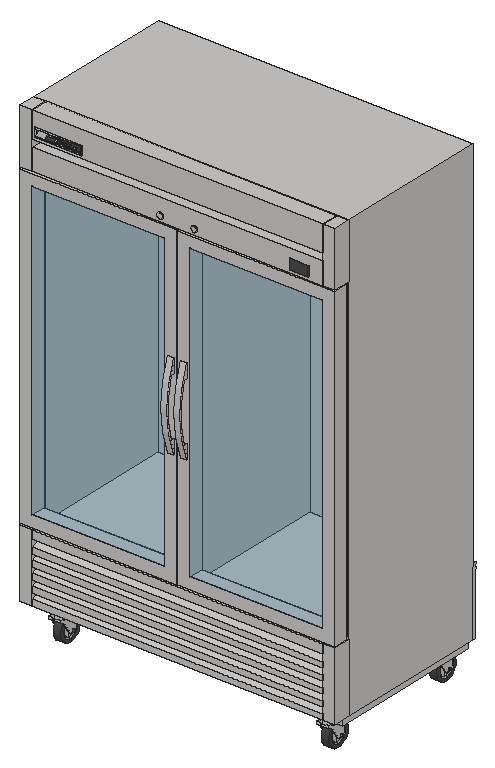
Revit family "QF_TRUE_T-49FG-HC~FGD01", category Specialty Equipment, Revit 2015
Parameters
  Weight in Pounds = 605
  Watts = Volts * FL Amps  # 1265 W
  Volts = 115 V
  URL Cutsheet = "www.truemfg.com"
  URL = "www.truemfg.com"
  Specification by User = ""
  Specification by Manufacturer = ""
  Show Clearance [instance] = yes
  Show 6 Inches Standard Legs [instance] = no
  Show 6 Inches Seismic Flanged Legs [instance] = no
  6 Inches Seismic Flanged Legs [instance] = and(Show 6 Inches Seismic Flanged Legs, not(Show 5 Inches Castors))  # no
  Show Logo [instance] = yes
  Serial Number = ""
  Seismic Rating = ""
  SMACNA No = ""
  Revision Code = ""
  Phase = 1
  Overall Height [instance] = Body Height + Base Height  # 83 3/8"
  Number of Poles = 1
  NAFEM Spec ID Number = ""
  Model = "T-49FG-HC~FGD01"
  Min Ckt Ampacity = 0 A
  Max Overcurrent Protection = 0 A
  Masterspec = ""
  Manufacturer = "TRUE"
  Length = 54 5/32"
  Item Number = ""
  Installed By = ""
  Identify Quantity as Lot = yes
  Height = 83 3/8"
  HP = "1/2"
  Furnished By = ""
  Foodservice Equipment Identifier = yes
  FL Amps = 11 A
  Electrical Remarks = ""
  Electric Connection Type = ""
  Elec Conn RI Height = 0"
  Elec Conn Connection Height = 0"
  Description = "REACH-IN GLASS SWING DOOR - 10ºF FREEZER WITH HYDROCARBON REFRIGERANT~FRAMED GLASS DOOR VERSION 01"
  Depth = 29 13/16"
  Cycle = 60 Hz
  Conn Plug = "NEMA-5-20P"
  Conn Conduit = yes
  CSI MasterFormat = ""
  Body Height = 78 5/16"
  Base Height [instance] = if(Show 5 Inches Castors, 5 1/16", if(Show 6 Inches Standard Legs, 6", if(Show 6 Inches Seismic Flanged Legs, 6", 5 1/16")))  # 5 1/16"
  Apparent Power = 0 VA
  6 Inches Standard Legs [instance] = and(Show 6 Inches Standard Legs, not(Show 5 Inches Castors))  # no
  Show 5 Inches Castors [instance] = if(Show 6 Inches Standard Legs, Show 6 Inches Seismic Flanged Legs, not(Show 6 Inches Seismic Flanged Legs))  # yes
Reference planes (in)
  plane 1 "BACK": y = 0
  plane 2: z = 0
  plane 3 "LEFT": x = 0
  plane 4 "RIGHT": x = 54.15625
  plane 5 "FRONT": y = -29.8125
  plane 6 "TOP": z = 83.375
  plane 7 "Center Y": x = 27.07813
  plane 8 "Center X": y = -14.90625
  plane 9: z = 5.0625
Dimensions and locks (in)
  equal spacing: plane 3 "LEFT", plane 7 "Center Y", plane 4 "RIGHT"
  "Length": plane 3 "LEFT" to plane 4 "RIGHT"
  equal spacing: plane 5 "FRONT", plane 8 "Center X", plane 1 "BACK"
  "Depth": plane 5 "FRONT" to plane 1 "BACK"
  "Overall Height": plane 6 "TOP" to level
  plane 3 "LEFT" to plane 4 "RIGHT" = 54 5/32"
  nested 5 to plane 1 "BACK" = 1/2"
  nested 5 to nested 5 = 1 17/32"
  nested 5 to nested 5 = 31 27/32"
  "Base Height": plane 9 to level
  "Body Height": nested 5 to plane 9
  aligned and locked: level to plane 2
  aligned and locked: nested 5 to plane 9
Nested families (in)
  nested 1: "CASTER-LEGS" at (4, -2.625, 0), Show 5" Casters <- "Show 5 Inches Castors", Show 6 Inches Legs <- "6 Inches Standard Legs", Show Siesmic Flanged <- "6 Inches Seismic Flanged Legs", type "CASTER-LEGS"
    with Type Mark "", Status "", Specification by User "", Show Siesmic Flanged no, Show 6" Casters no, Show 6 Inches Legs no, Show 5" Casters yes, Show 4" Casters no, Show 2.5 Standard Legs no, Show 2.5 Casters no, Revision Code "", Low Profile no, Item Number "", Installed By "", Identify Quantity as Lot yes, Furnished By "", Foodservice Equipment Identifier yes
  nested 2: "CASTER-LEGS" at (4, -25.875, 0), Show 5" Casters <- "Show 5 Inches Castors", Show 6 Inches Legs <- "6 Inches Standard Legs", Show Siesmic Flanged <- "6 Inches Seismic Flanged Legs", type "CASTER-LEGS"
    with Type Mark "", Status "", Specification by User "", Show Siesmic Flanged no, Show 6" Casters no, Show 6 Inches Legs no, Show 5" Casters yes, Show 4" Casters no, Show 2.5 Standard Legs no, Show 2.5 Casters no, Revision Code "", Low Profile no, Item Number "", Installed By "", Identify Quantity as Lot yes, Furnished By "", Foodservice Equipment Identifier yes
  nested 3: "CASTER-LEGS" at (50.15625, -2.625, 0), Show 5" Casters <- "Show 5 Inches Castors", Show 6 Inches Legs <- "6 Inches Standard Legs", Show Siesmic Flanged <- "6 Inches Seismic Flanged Legs", type "CASTER-LEGS"
    with Type Mark "", Status "", Specification by User "", Show Siesmic Flanged no, Show 6" Casters no, Show 6 Inches Legs no, Show 5" Casters yes, Show 4" Casters no, Show 2.5 Standard Legs no, Show 2.5 Casters no, Revision Code "", Low Profile no, Item Number "", Installed By "", Identify Quantity as Lot yes, Furnished By "", Foodservice Equipment Identifier yes
  nested 4: "CASTER-LEGS" at (50.15625, -25.875, 0), Show 5" Casters <- "Show 5 Inches Castors", Show 6 Inches Legs <- "6 Inches Standard Legs", Show Siesmic Flanged <- "6 Inches Seismic Flanged Legs", type "CASTER-LEGS"
    with Type Mark "", Status "", Specification by User "", Show Siesmic Flanged no, Show 6" Casters no, Show 6 Inches Legs no, Show 5" Casters yes, Show 4" Casters no, Show 2.5 Standard Legs no, Show 2.5 Casters no, Revision Code "", Low Profile no, Item Number "", Installed By "", Identify Quantity as Lot yes, Furnished By "", Foodservice Equipment Identifier yes
  nested 5: "T-49FG-HC-FGD01" at (0, 0, 0), Show Clearance <- "Show Clearance", Show Logo <- "Show Logo", type "T-49FG-HC-FGD01"
    with Show Logo yes, Material and Finishes QF_Metal - Stainless - Polished
Connectors (in)
  electrical at (27.07812, 0.5, 12.71048), driven by "Volts", driven by "Watts"
    settings: on nested 5, index 1, voltage 115 V, apparent load 1265 VA, apparent load phase1 0 VA, apparent load phase2 0 VA, apparent load phase3 0 VA, power factor 1, load classification "Other", number of poles 1, system type 30, power factor state 1, is connector primary yes, connector utility no, sub classification motor no, connector description "ELECTRICAL CONNECTION"
Definition of nested family "CASTER-LEGS"
  Parameters (values of type "CASTER-LEGS")
    Weight = ""
    URL Manufacturer = ""
    URL Cutsheet = ""
    URL = ""
    Type Mark [instance] = ""
    Status [instance] = ""
    Specification by User [instance] = ""
    Specification by Manufacturer = ""
    Show Siesmic Flanged [instance] = yes
    Show 6 Inches Legs [instance] = yes
    Show 6" Casters [instance] = yes
    Show 5" Casters [instance] = yes
    Show 4" Casters [instance] = yes
    Show 2.5 Standard Legs [instance] = yes
    Show 2.5 Casters [instance] = yes
    Serial Number = ""
    Seismic Rating = ""
    SMACNA No = ""
    Revision Code [instance] = ""
    Omniclass Number and Title = ""
    NAFEM Spec ID Number = ""
    Model = ""
    MasterSpec. = ""
    Manufacturer = ""
    Low Profile [instance] = yes
    Item Number [instance] = ""
    Installed By [instance] = ""
    Identify Quantity as Lot [instance] = yes
    Furnished By [instance] = ""
    Foodservice Equipment Identifier [instance] = yes
    Description = ""
    CSI MasterFormat = ""
    CSI Master Format = ""
    Assembly Code = ""
  Reference planes (in)
    plane 1: z = 0
    plane 2 "RIGHT": x = 0
    plane 3 "FRONT": y = 0
    plane 4 "TOP": z = 6
    plane 5: z = 2.125
    plane 6: z = 2.5
    plane 7: z = 6.25
  Forms (in)
    Revolve 1, solid, visible <- "Show 6 Inches Legs"
      sketch origin (11.12172, 0, 0) x (-1, 0, 0) y (0, 0, -1)
        loop
          line (11.12172, -6) -> (11.12172, 0) -> (10.62172, 0) -> (10.62172, -1.30261) -> (10.37172, -1.30261) -> (10.37172, -6) -> (11.12172, -6)
        axis (11.12172, 0) -> (11.12172, -6)
      angle from 0 to 360
    Extrusion 2, solid, visible <- "Show Siesmic Flanged"
      sketch origin (0, 0, 0) x (1, 0, 0) y (0, 1, 0)
        loop
          circle (-0.00825, 0) r 1
      from 0 to 0.125
    Revolve 3, solid, visible <- "Show Siesmic Flanged"
      sketch origin (11.12172, 0, 0) x (-1, 0, 0) y (0, 0, -1)
        loop
          line (11.12172, -6) -> (11.12172, -0.125) -> (10.62172, -0.125) -> (10.62172, -1.30261) -> (10.37172, -1.30261) -> (10.37172, -6) -> (11.12172, -6)
        axis (11.12172, -0.125) -> (11.12172, -6)
      angle from 0 to 360
    Revolve 4, solid, visible <- "Show 2.5 Standard Legs"
      sketch origin (11.12172, 0, 0) x (-1, 0, 0) y (0, 0, -1)
        loop
          line (11.12172, -2.5) -> (11.12172, 0) -> (10.62172, 0) -> (10.62172, -0.75) -> (10.37172, -0.75) -> (10.37172, -2.5) -> (11.12172, -2.5)
        axis (11.12172, 0) -> (11.12172, -2.5)
      angle from 0 to 360
  Dimensions and locks (in)
    plane 4 "TOP" to level = 6"  (x2)
    locked: Revolve 1 sketch curve to Revolve 1 sketch curve at 1.30261
    locked: Revolve 1 sketch curve to Revolve 1 sketch curve at 0.75
    nested 1 to level = 5"
    plane 6 to plane 1 = 2 1/2"
    plane 5 to plane 1 = 2 1/8"
    plane 7 to plane 1 = 6 1/4"
    locked: Revolve 3 sketch curve to Revolve 3 sketch curve at 0.75
    aligned and locked: level to plane 1
  Nested families (in)
    nested 1: "PITCO_5 INCHES CASTER" at (0, 0, 0), Show Casters <- "Show 5" Casters", type "PITCO_5 INCHES CASTER"
      with Type Mark "", Status "", Specification by User "", Show Casters yes, Revision Code "", Item Number "", Installed By "", Identify Quantity as Lot yes, Furnished By "", Foodservice Equipment Identifier yes
    nested 2: "2.13" at (0, 0, 0), 2.5 Inches Caster <- "Low Profile", type "2.13"
      with Type Mark "", Status "", Specification by User "", Revision Code "", Item Number "", Installed By "", Identify Quantity as Lot yes, Furnished By "", Foodservice Equipment Identifier yes, 2.5 Inches Caster yes
    nested 3: "C4" at (0, 0, 0), Show 4 Inches Casters <- "Show 4" Casters", type "C4"
      with Type Mark "", Specification by User "", Show 4 Inches Casters yes, Revision Code "", Item Number "", Installed By "", Identify Quantity as Lot yes, Furnished By "", Foodservice Equipment Identifier yes
    nested 4: "6 Inches Leg & Caster" at (0, 0, 0), Show Casters <- "Show 6" Casters", type "6 Inches Leg & Caster"
      with Type Mark "", Status "", Specification by User "", Show Casters yes, Revision Code "", Item Number "", Installed By "", Identify Quantity as Lot yes, Furnished By "", Foodservice Equipment Identifier yes
    nested 5: "C2.5" at (0, -0.86941, 0), 2.5 Inches Caster <- "Show 2.5 Casters", type "C2.5"
      with Type Mark "", Status "", Specification by User "", Revision Code "", Item Number "", Installed By "", Identify Quantity as Lot yes, Furnished By "", Foodservice Equipment Identifier yes, 2.5 Inches Caster yes
  Definition of nested family "PITCO_5 INCHES CASTER"
    Parameters (values of type "PITCO_5 INCHES CASTER")
      Weight = ""
      URL Manufacturer = ""
      URL Cutsheet = ""
      URL = ""
      Type Mark [instance] = ""
      Status [instance] = ""
      Specification by User [instance] = ""
      Specification by Manufacturer = ""
      Show Casters [instance] = yes
      Rubber = none
      Chrome = none
      Serial Number = ""
      Seismic Rating = ""
      SMACNA No = ""
      Revision Code [instance] = ""
      Omniclass Number and Title = ""
      NAFEM Spec ID Number = ""
      Model = ""
      MasterSpec. = ""
      Manufacturer = ""
      Item Number [instance] = ""
      Installed By [instance] = ""
      Identify Quantity as Lot [instance] = yes
      Furnished By [instance] = ""
      Foodservice Equipment Identifier [instance] = yes
      Description = ""
      CSI MasterFormat = ""
      CSI Master Format = ""
      Assembly Code = ""
    Reference planes (in)
      plane 1: z = 0
      plane 2 "RIGHT": x = 0
      plane 3 "FRONT": y = 0
      plane 4 "TOP": z = 5
      plane 5: z = 5.0625
    Forms (in)
      Revolve 1, solid, visible <- "Show Casters"
        sketch origin (-180, 1.0625, -34.67466) x (0, 0, -1) y (-1, 0, 0)
          loop
            line (-34.67466, -180.64009) -> (-34.67466, -179.35991) -> (-35.17466, -179.35991) -> (-35.17466, -179.48491) -> (-35.42466, -179.48491) -> (-35.42466, -179.64009) -> (-36.48519, -179.60306) -> (-36.48519, -178.85852) -> (-36.5316, -178.85852) -> (-36.5316, -178.71719) -> (-36.70591, -178.71719) -> (-36.70591, -181.28281) -> (-36.5316, -181.28281) -> (-36.5316, -181.14148) -> (-36.48519, -181.14148) -> (-36.48519, -180.39694) -> (-35.42466, -180.35991) -> (-35.42466, -180.51509) -> (-35.17466, -180.51509) -> (-35.17466, -180.64009) -> (-34.67466, -180.64009)
          axis (-36.70591, -181.28281) -> (-36.70591, -178.71719)
        angle from 0 to 360
      Extrusion 2, solid, visible <- "Show Casters"
        sketch origin (0, 0, -1.11142) x (0, -1, 0) y (1, 0, 0)
          loop
            circle (0, 0) r 1.5
        from 5.61142 to 6.17392
      Extrusion 3, solid, visible <- "Show Casters"
        sketch origin (0, 0, 0.289) x (0, -1, 0) y (0, 0, 1)
          loop
            arc (0.91808, 3.59427) -> (1.13645, 3.7909) -> (1.42156, 3.86198) r 0.60732
            line (1.42156, 3.86198) -> (1.46208, 3.86198) -> (1.43155, 4.211) -> (-1.43155, 4.211)
            arc (-1.43155, 4.211) -> (-1.62474, 4.13098) -> (-1.70476, 3.93778) r 0.27322
            line (-1.70476, 3.93778) -> (-1.70476, 3.78861) -> (-1.76351, 2.11371) -> (-1.82446, 1.68005)
            arc (-1.82446, 1.68005) -> (-1.73191, 1.41127) -> (-1.46007, 1.32816) r 0.31307
            line (-1.46007, 1.32816) -> (-0.60834, 1.47835)
            arc (-0.60834, 1.47835) -> (-0.50841, 1.51771) -> (-0.43181, 1.59299) r 0.26936
            line (-0.43181, 1.59299) -> (0.91808, 3.59427)
        from 0.84601 to 1.05998
      Extrusion 4, solid, visible <- "Show Casters"
        sketch origin (0, 0, -0.82242) x (0, -1, 0) y (0, 0, -1)
          loop
            line (1.43155, -5.32242) -> (1.46208, -4.9734) -> (1.42156, -4.9734)
            arc (1.42156, -4.9734) -> (1.13645, -4.90232) -> (0.91808, -4.70569) r 0.60732
            line (0.91808, -4.70569) -> (-0.43181, -2.70441)
            arc (-0.43181, -2.70441) -> (-0.50841, -2.62913) -> (-0.60834, -2.58977) r 0.26936
            line (-0.60834, -2.58977) -> (-1.46007, -2.43958)
            arc (-1.46007, -2.43958) -> (-1.73191, -2.52269) -> (-1.82446, -2.79147) r 0.31307
            line (-1.82446, -2.79147) -> (-1.76351, -3.22513) -> (-1.70476, -4.90003) -> (-1.70476, -5.0492)
            arc (-1.70476, -5.0492) -> (-1.62474, -5.2424) -> (-1.43155, -5.32242) r 0.27322
            line (-1.43155, -5.32242) -> (1.43155, -5.32242)
        from 0.84601 to 1.05998
      Extrusion 5, solid, visible <- "Show Casters"
        sketch origin (-0.84601, 0, 0.289) x (0, 1, 0) y (0, 0, 1)
          loop
            line (1.43155, 4.211) -> (-1.43155, 4.211) -> (-1.46208, 3.86198) -> (-1.42156, 3.86198)
            arc (-1.42156, 3.86198) -> (-1.13645, 3.7909) -> (-0.91808, 3.59427) r 0.60732
            arc (-0.91808, 3.59427) -> (0.37927, 3.88135) -> (1.70476, 3.78861) r 4.63574
            line (1.70476, 3.78861) -> (1.70476, 3.93778)
            arc (1.70476, 3.93778) -> (1.62474, 4.13098) -> (1.43155, 4.211) r 0.27322
        from 0 to 1.69203
    Cuts and joins
      joined: Extrusion 3, Extrusion 4, Extrusion 5
    Lines and regions (in)
      symbolic lines, visible <- "Show Casters"
        curve 1: line (0.70901, 2.6399, 0) -> (1.79507, 2.01286, 0)
        curve 2: line (-1.79099, -1.69023, 0) -> (0.70901, 2.6399, 0)
        curve 3: line (-0.70493, -2.31727, 0) -> (-1.79099, -1.69023, 0)
        curve 4: line (1.79507, 2.01286, 0) -> (-0.70493, -2.31727, 0)
    Dimensions and locks (in)
      plane 4 "TOP" to level = 5"  (x2)
      plane 5 to level = 5 1/16"
      aligned and locked: level to plane 1
  Definition of nested family "2.13"
    Parameters
      Weight = ""
      URL Manufacturer = ""
      URL Cutsheet = ""
      URL = ""
      Type Mark [instance] = ""
      Status [instance] = ""
      Specification by User [instance] = ""
      Specification by Manufacturer = ""
      Serial Number = ""
      Seismic Rating = ""
      SMACNA No = ""
      Revision Code [instance] = ""
      Omniclass Number and Title = ""
      NAFEM Spec ID Number = ""
      Model = ""
      MasterSpec. = ""
      Manufacturer = ""
      Item Number [instance] = ""
      Installed By [instance] = ""
      Identify Quantity as Lot [instance] = yes
      Furnished By [instance] = ""
      Foodservice Equipment Identifier [instance] = yes
      Description = ""
      CSI MasterFormat = ""
      CSI Master Format = ""
      Assembly Code = ""
      2.5 Inches Caster [instance] = yes
    Reference planes (in)
      plane 1: z = 0
      plane 2 "RIGHT": x = 0
      plane 3 "FRONT": y = 0
      plane 4 "TOP": z = 2.125
    Forms (in)
      Revolve 1, solid, visible <- "2.5 Inches Caster"
        sketch origin (-1.93794, 0.83816, -1.0041) x (1, 0, 0) y (0, 0, 1)
          loop
            line (0.74055, 1.76972) -> (0.74055, 1.69422) -> (0.79055, 1.64422) -> (0.85055, 1.64422) -> (0.85055, 1.52415) -> (1.235, 1.52415) -> (1.235, 1.4568) -> (1.38673, 1.3692) -> (1.4003, 1.28535) -> (1.34375, 1.28535) -> (1.34375, 1.16035) -> (1.375, 1.16035) -> (1.375, 1.0041) -> (1.87544, 1.0041) -> (1.87544, 1.52415) -> (2.00044, 1.52415) -> (2.00044, 1.0041) -> (2.48438, 1.0041) -> (2.48438, 1.16035) -> (2.51563, 1.16035) -> (2.51563, 1.28535) -> (2.45908, 1.28535) -> (2.47322, 1.37272) -> (2.62438, 1.45999) -> (2.62438, 1.52415) -> (3.04007, 1.52415) -> (3.04007, 1.64422) -> (3.10007, 1.64422) -> (3.15007, 1.69422) -> (3.15007, 1.76972) -> (0.74055, 1.76972)
          axis (0.74055, 1.76972) -> (3.15007, 1.76972)
        angle from 0 to 360
      Extrusion 2, solid, visible <- "2.5 Inches Caster"
        sketch origin (-1.93794, 1.80294, -3.6291) x (0, 1, 0) y (0, 0, 1)
          loop
            line (-0.64294, 5.43229) -> (-0.64294, 5.55298) -> (-2.21294, 5.55298) -> (-2.21294, 5.30272) -> (-1.81966, 5.30272)
            arc (-1.81966, 5.30272) -> (-1.13638, 5.20789) -> (-0.46376, 5.05475) r 8.02767
            arc (-0.46376, 5.05475) -> (-0.19511, 4.95469) -> (0.05138, 4.80832) r 1.60049
            line (0.05138, 4.80832) -> (0.12713, 4.91318)
            arc (0.12713, 4.91318) -> (-0.07255, 5.06376) -> (-0.29048, 5.18644) r 1.8753
            line (-0.29048, 5.18644) -> (-0.22239, 5.30423)
            arc (-0.22239, 5.30423) -> (-0.42776, 5.38437) -> (-0.64294, 5.43229) r 1.44292
        from 1.17357 to 2.70231
      Revolve 3, solid, visible <- "2.5 Inches Caster"
        sketch origin (0, 2.10856, -4.125) x (0, 1, 0) y (0, 0, 1)
          loop
            line (-1.73858, 6.25) -> (-1.73858, 6.04889) -> (-1.05793, 6.04889) -> (-1.05793, 6.25) -> (-1.73858, 6.25)
          axis (-1.73858, 6.04889) -> (-1.73858, 6.25)
        angle from 0 to 360
      Extrusion 4, solid, visible <- "2.5 Inches Caster"
        sketch origin (-1.98481, 1.80294, -2.1291) x (0, 1, 0) y (0, 0, 1)
          loop
            line (-2.21294, 4.05298) -> (-2.21294, 3.80272) -> (-2.13999, 3.80272)
            arc (-2.13999, 3.80272) -> (-1.62379, 3.51899) -> (-1.39241, 2.97729) r 0.90292
            arc (-1.39241, 2.97729) -> (-1.36136, 2.78161) -> (-1.29729, 2.59413) r 1.15385
            arc (-1.29729, 2.59413) -> (-0.94802, 2.37355) -> (-0.6121, 2.61396) r 0.37001
            arc (-0.6121, 2.61396) -> (-0.59625, 2.66241) -> (-0.58446, 2.712) r 0.61695
            arc (-0.58446, 2.712) -> (-0.36134, 3.11665) -> (0.05609, 3.31484) r 0.75313
            line (0.05609, 3.31484) -> (0.12713, 3.41318)
            arc (0.12713, 3.41318) -> (-0.07255, 3.56376) -> (-0.29048, 3.68644) r 1.8753
            line (-0.29048, 3.68644) -> (-0.22239, 3.80423)
            arc (-0.22239, 3.80423) -> (-0.42776, 3.88437) -> (-0.64294, 3.93229) r 1.44292
            line (-0.64294, 3.93229) -> (-0.64294, 4.05298) -> (-2.21294, 4.05298)
        from 2.74918 to 2.90825
      Extrusion 5, solid, visible <- "2.5 Inches Caster"
        sketch origin (1.98481, 1.80294, -2.1291) x (0, 1, 0) y (0, 0, -1)
          loop
            line (-2.21294, -4.05298) -> (-0.64294, -4.05298) -> (-0.64294, -3.93229)
            arc (-0.64294, -3.93229) -> (-0.42776, -3.88437) -> (-0.22239, -3.80423) r 1.44292
            line (-0.22239, -3.80423) -> (-0.29048, -3.68644)
            arc (-0.29048, -3.68644) -> (-0.07255, -3.56376) -> (0.12713, -3.41318) r 1.8753
            line (0.12713, -3.41318) -> (0.05609, -3.31484)
            arc (0.05609, -3.31484) -> (-0.36134, -3.11665) -> (-0.58446, -2.712) r 0.75313
            arc (-0.58446, -2.712) -> (-0.59625, -2.66241) -> (-0.6121, -2.61396) r 0.61695
            arc (-0.6121, -2.61396) -> (-0.94802, -2.37355) -> (-1.29729, -2.59413) r 0.37001
            arc (-1.29729, -2.59413) -> (-1.36136, -2.78161) -> (-1.39241, -2.97729) r 1.15385
            arc (-1.39241, -2.97729) -> (-1.62379, -3.51899) -> (-2.13999, -3.80272) r 0.90292
            line (-2.13999, -3.80272) -> (-2.21294, -3.80272) -> (-2.21294, -4.05298)
        from 2.74918 to 2.90825
    Lines and regions (in)
      symbolic lines, visible <- "2.5 Inches Caster"
        curve 1: line (0.10651, 1.27186, 0) -> (0.80944, 0.86603, 0)
        curve 2: line (-0.89349, -0.46019, 0) -> (0.10651, 1.27186, 0)
        curve 3: line (-0.19056, -0.86603, 0) -> (-0.89349, -0.46019, 0)
        curve 4: line (0.80944, 0.86603, 0) -> (-0.19056, -0.86603, 0)
    Dimensions and locks (in)
      plane 4 "TOP" to level = 2 1/8"  (x2)
      aligned and locked: level to plane 1
  Definition of nested family "C4"
    Parameters
      Weight = ""
      URL Manufacturer = ""
      URL Cutsheet = ""
      URL = ""
      Type Mark [instance] = ""
      Specification by User [instance] = ""
      Specification by Manufacturer = ""
      Show 4 Inches Casters [instance] = yes
      Serial Number = ""
      Seismic Rating = ""
      SMACNA No = ""
      Revision Code [instance] = ""
      Omniclass Number and Title = ""
      NAFEM Spec ID Number = ""
      Model = ""
      MasterSpec. = ""
      Manufacturer = ""
      Item Number [instance] = ""
      Installed By [instance] = ""
      Identify Quantity as Lot [instance] = yes
      Furnished By [instance] = ""
      Foodservice Equipment Identifier [instance] = yes
      Description = ""
      CSI MasterFormat = ""
      CSI Master Format = ""
      Assembly Code = ""
    Reference planes (in)
      plane 1: z = 0
      plane 2 "RIGHT": x = 0
      plane 3 "FRONT": y = 0
      plane 4 "TOP": z = 4
    Forms (in)
      Revolve 1, solid, visible <- "Show 4 Inches Casters"
        sketch origin (-1.93794, 0.83816, -1.0041) x (1, 0, 0) y (0, 0, 1)
          loop
            line (0.74055, 2.5041) -> (3.15007, 2.5041) -> (3.15007, 2.5796) -> (3.10007, 2.6296) -> (3.04007, 2.6296) -> (3.04007, 2.74967) -> (2.62438, 2.74967) -> (2.62438, 2.93884) -> (2.48438, 3.01967) -> (2.45908, 3.17597) -> (2.51563, 3.17597) -> (2.51563, 3.41035) -> (2.48438, 3.41035) -> (2.48438, 4.0041) -> (1.375, 4.0041) -> (1.375, 3.41035) -> (1.34375, 3.41035) -> (1.34375, 3.17597) -> (1.4003, 3.17597) -> (1.37557, 3.02318) -> (1.235, 2.94202) -> (1.235, 2.74967) -> (0.85055, 2.74967) -> (0.85055, 2.6296) -> (0.79055, 2.6296) -> (0.74055, 2.5796) -> (0.74055, 2.5041)
          axis (0.74055, 2.5041) -> (3.15007, 2.5041)
        angle from 0 to 360
      Extrusion 2, solid, visible <- "Show 4 Inches Casters"
        sketch origin (-1.93794, 1.80294, -1.7541) x (0, 1, 0) y (0, 0, 1)
          loop
            line (-3.08794, 5.33423) -> (-3.08794, 5.00584) -> (-2.69466, 5.00584)
            arc (-2.69466, 5.00584) -> (-1.57175, 4.94895) -> (-0.46376, 4.75787) r 9.36411
            arc (-0.46376, 4.75787) -> (-0.05889, 4.58436) -> (0.28335, 4.30705) r 1.60049
            line (0.28335, 4.30705) -> (0.34449, 4.39437)
            arc (0.34449, 4.39437) -> (0.12713, 4.6163) -> (-0.1239, 4.79931) r 1.8753
            line (-0.1239, 4.79931) -> (-0.05749, 4.91421)
            arc (-0.05749, 4.91421) -> (-0.33807, 5.05694) -> (-0.64294, 5.13542) r 1.44292
            line (-0.64294, 5.13542) -> (-0.64294, 5.33423) -> (-3.08794, 5.33423)
        from 1.1267 to 2.74918
      Revolve 3, solid, visible <- "Show 4 Inches Casters"
        sketch origin (0, 2.15543, -2.25) x (0, 1, 0) y (0, 0, 1)
          loop
            line (-2.21793, 6.25) -> (-2.21793, 5.83014) -> (-1.05793, 5.83014) -> (-1.05793, 6.25) -> (-2.21793, 6.25)
          axis (-2.21793, 5.83014) -> (-2.21793, 6.25)
        angle from 0 to 360
      Extrusion 4, solid, visible <- "Show 4 Inches Casters"
        sketch origin (-1.93794, 1.80294, -1.7541) x (0, 1, 0) y (0, 0, 1)
          loop
            line (-3.08794, 5.33423) -> (-3.08794, 5.00584) -> (-2.8913, 5.00584)
            arc (-2.8913, 5.00584) -> (-2.09118, 4.14057) -> (-1.45681, 3.14736) r 6.63355
            arc (-1.45681, 3.14736) -> (-0.85703, 2.75969) -> (-0.4561, 3.35069) r 0.5107
            arc (-0.4561, 3.35069) -> (-0.27092, 3.92503) -> (0.24034, 4.24562) r 0.88136
            line (0.24034, 4.24562) -> (0.34449, 4.39437)
            arc (0.34449, 4.39437) -> (0.12713, 4.6163) -> (-0.1239, 4.79931) r 1.8753
            line (-0.1239, 4.79931) -> (-0.05749, 4.91421)
            arc (-0.05749, 4.91421) -> (-0.33807, 5.05694) -> (-0.64294, 5.13542) r 1.44292
            line (-0.64294, 5.13542) -> (-0.64294, 5.33423) -> (-3.08794, 5.33423)
        from 2.74918 to 2.90825
      Extrusion 5, solid, visible <- "Show 4 Inches Casters"
        sketch origin (1.93794, 1.80294, -1.7541) x (0, 1, 0) y (0, 0, -1)
          loop
            line (-3.08794, -5.33423) -> (-0.64294, -5.33423) -> (-0.64294, -5.13542)
            arc (-0.64294, -5.13542) -> (-0.33807, -5.05694) -> (-0.05749, -4.91421) r 1.44292
            line (-0.05749, -4.91421) -> (-0.1239, -4.79931)
            arc (-0.1239, -4.79931) -> (0.12713, -4.6163) -> (0.34449, -4.39437) r 1.8753
            line (0.34449, -4.39437) -> (0.24034, -4.24562)
            arc (0.24034, -4.24562) -> (-0.27092, -3.92503) -> (-0.4561, -3.35069) r 0.88136
            arc (-0.4561, -3.35069) -> (-0.85703, -2.75969) -> (-1.45681, -3.14736) r 0.5107
            arc (-1.45681, -3.14736) -> (-2.09118, -4.14057) -> (-2.8913, -5.00584) r 6.63355
            line (-2.8913, -5.00584) -> (-3.08794, -5.00584) -> (-3.08794, -5.33423)
        from 2.74918 to 2.90825
    Cuts and joins
      joined: Extrusion 2, Extrusion 4, Extrusion 5
    Lines and regions (in)
      symbolic lines, visible <- "Show 4 Inches Casters"
        curve 1: line (0.28481, 1.83041, 0) -> (1.24556, 1.27572, 0)
        curve 2: line (-1.26206, -0.84886, 0) -> (0.28481, 1.83041, 0)
        curve 3: line (-0.30132, -1.40355, 0) -> (-1.26206, -0.84886, 0)
        curve 4: line (1.24556, 1.27572, 0) -> (-0.30132, -1.40355, 0)
    Dimensions and locks (in)
      plane 4 "TOP" to level = 4"  (x2)
      aligned and locked: level to plane 1
  Definition of nested family "6 Inches Leg & Caster"
    Parameters
      Weight = ""
      URL Manufacturer = ""
      URL Cutsheet = ""
      URL = ""
      Type Mark [instance] = ""
      Status [instance] = ""
      Specification by User [instance] = ""
      Specification by Manufacturer = ""
      Show Casters [instance] = yes
      Serial Number = ""
      Seismic Rating = ""
      SMACNA No = ""
      Revision Code [instance] = ""
      Omniclass Number and Title = ""
      NAFEM Spec ID Number = ""
      Model = ""
      MasterSpec. = ""
      Manufacturer = ""
      Item Number [instance] = ""
      Installed By [instance] = ""
      Identify Quantity as Lot [instance] = yes
      Furnished By [instance] = ""
      Foodservice Equipment Identifier [instance] = yes
      Description = ""
      CSI MasterFormat = ""
      CSI Master Format = ""
    Reference planes (in)
      plane 1 "BACK": y = 0
      plane 2: z = 0
      plane 3 "LEFT": x = 0
      plane 4 "RIGHT": x = 0
      plane 5 "FRONT": y = 0
      plane 6 "TOP": z = 6.25
    Forms (in)
      Revolve 1, solid, visible <- "Show Casters"
        sketch origin (-2.21793, 0, -0.25) x (-1, 0, 0) y (0, 0, 1)
          loop
            line (-2.21793, 6) -> (-2.21793, 5.55584) -> (-0.93693, 5.55584) -> (-0.93693, 6) -> (-2.21793, 6)
          axis (-2.21793, 5.55584) -> (-2.21793, 6)
        angle from 0 to 360
      Extrusion 2, solid, visible <- "Show Casters"
        sketch origin (0.25594, 2.21793, -0.1875) x (0, 1, 0) y (0, 0, 1)
          loop
            line (-3.37793, 5.49334) -> (-3.37793, 5.24334) -> (-1.63015, 2.08504)
            arc (-1.63015, 2.08504) -> (-0.63555, 1.74359) -> (-0.1951, 2.69848) r 0.78437
            line (-0.1951, 2.69848) -> (-1.06726, 5.49334) -> (-3.37793, 5.49334)
        from 0.78968 to 0.90247
      Extrusion 3, solid, visible <- "Show Casters"
        sketch origin (0, 0, 5.75) x (0, 1, 0) y (-1, 0, 0)
          loop
            circle (0, 0) r 0.75
        from 0 to 0.5
      Extrusion 4, solid, visible <- "Show Casters"
        sketch origin (-0.25594, 2.21793, -0.1875) x (0, 1, 0) y (0, 0, -1)
          loop
            line (-3.37793, -5.49334) -> (-1.06726, -5.49334) -> (-0.1951, -2.69848)
            arc (-0.1951, -2.69848) -> (-0.63555, -1.74359) -> (-1.63015, -2.08504) r 0.78437
            line (-1.63015, -2.08504) -> (-3.37793, -5.24334) -> (-3.37793, -5.49334)
        from 0.78968 to 0.90247
      Extrusion 5, solid, visible <- "Show Casters"
        sketch origin (0, 0, 0.75) x (0, 1, 0) y (0, 0, 1)
          loop
            line (-1.16, 4.55584) -> (-1.16, 4.30584) -> (1.15067, 4.30584) -> (1.15067, 4.55584) -> (-1.16, 4.55584)
        from -1.04562 to 1.04562
      Revolve 6, solid, visible <- "Show Casters"
        sketch origin (-1.9375, 1.23015, -0.12802) x (1, 0, 0) y (0, 0, 1)
          loop
            line (0.5843, 2.5041) -> (0.5843, 2.3661) -> (0.6343, 2.3161) -> (0.6943, 2.3161) -> (0.6943, 2.1804) -> (1.1725, 2.1804) -> (1.1725, 1.78493) -> (1.31307, 1.70377) -> (1.42647, 1.00302) -> (1.28125, 1.00302) -> (1.28125, 0.75302) -> (1.3125, 0.75302) -> (1.3125, 0.50302)
            arc (1.3125, 0.50302) -> (1.42233, 0.23785) -> (1.6875, 0.12802) r 0.375
            line (1.6875, 0.12802) -> (2.1875, 0.12802)
            arc (2.1875, 0.12802) -> (2.45267, 0.23785) -> (2.5625, 0.50302) r 0.375
            line (2.5625, 0.50302) -> (2.5625, 0.75302) -> (2.59375, 0.75302) -> (2.59375, 1.00302) -> (2.44853, 1.00302) -> (2.5625, 1.70728) -> (2.7025, 1.78811) -> (2.7025, 2.1804) -> (3.1807, 2.1804) -> (3.1807, 2.3161) -> (3.2407, 2.3161) -> (3.2907, 2.3661) -> (3.2907, 2.5041) -> (0.5843, 2.5041)
          axis (0.5843, 2.5041) -> (3.2907, 2.5041)
        angle from 0 to 360
    Cuts and joins
      joined: Extrusion 2, Extrusion 4, Extrusion 5
    Lines and regions (in)
      symbolic lines, visible <- "Show Casters"
        curve 1: line (0.46086, 2.04455, 0) -> (1.54339, 1.41955, 0)
        curve 2: line (-1.53914, -1.41955, 0) -> (0.46086, 2.04455, 0)
        curve 3: line (-0.45661, -2.04455, 0) -> (-1.53914, -1.41955, 0)
        curve 4: line (1.54339, 1.41955, 0) -> (-0.45661, -2.04455, 0)
    Dimensions and locks (in)
      plane 6 "TOP" to level = 6 1/4"  (x2)
      aligned and locked: level to plane 2
  Definition of nested family "C2.5"
    Parameters
      Weight = ""
      URL Manufacturer = ""
      URL Cutsheet = ""
      URL = ""
      Type Mark [instance] = ""
      Status [instance] = ""
      Specification by User [instance] = ""
      Specification by Manufacturer = ""
      Serial Number = ""
      Seismic Rating = ""
      SMACNA No = ""
      Revision Code [instance] = ""
      Omniclass Number and Title = ""
      NAFEM Spec ID Number = ""
      Model = ""
      MasterSpec. = ""
      Manufacturer = ""
      Item Number [instance] = ""
      Installed By [instance] = ""
      Identify Quantity as Lot [instance] = yes
      Furnished By [instance] = ""
      Foodservice Equipment Identifier [instance] = yes
      Description = ""
      CSI MasterFormat = ""
      CSI Master Format = ""
      Assembly Code = ""
      2.5 Inches Caster [instance] = yes
    Reference planes (in)
      plane 1: z = 0
      plane 2 "RIGHT": x = 0
      plane 3 "FRONT": y = 0
      plane 4 "TOP": z = 2.5
    Forms (in)
      Revolve 1, solid, visible <- "2.5 Inches Caster"
        sketch origin (-1.93794, 0.83816, -1.0041) x (1, 0, 0) y (0, 0, 1)
          loop
            line (0.74055, 1.92597) -> (0.74055, 1.85047) -> (0.79055, 1.80047) -> (0.85055, 1.80047) -> (0.85055, 1.6804) -> (1.235, 1.6804) -> (1.235, 1.61305) -> (1.38673, 1.52545) -> (1.4003, 1.4416) -> (1.34375, 1.4416) -> (1.34375, 1.3166) -> (1.375, 1.3166) -> (1.375, 1.0041) -> (2.48438, 1.0041) -> (2.48438, 1.3166) -> (2.51563, 1.3166) -> (2.51563, 1.4416) -> (2.45908, 1.4416) -> (2.47322, 1.52897) -> (2.62438, 1.61624) -> (2.62438, 1.6804) -> (3.04007, 1.6804) -> (3.04007, 1.80047) -> (3.10007, 1.80047) -> (3.15007, 1.85047) -> (3.15007, 1.92597) -> (0.74055, 1.92597)
          axis (0.74055, 1.92597) -> (3.15007, 1.92597)
        angle from 0 to 360
      Extrusion 2, solid, visible <- "2.5 Inches Caster"
        sketch origin (-1.93794, 1.80294, -3.2541) x (0, 1, 0) y (0, 0, 1)
          loop
            line (-0.64294, 5.43229) -> (-0.64294, 5.55298) -> (-2.21294, 5.55298) -> (-2.21294, 5.30272) -> (-1.81966, 5.30272)
            arc (-1.81966, 5.30272) -> (-1.13638, 5.20789) -> (-0.46376, 5.05475) r 8.02767
            arc (-0.46376, 5.05475) -> (-0.19511, 4.95469) -> (0.05138, 4.80832) r 1.60049
            line (0.05138, 4.80832) -> (0.12713, 4.91318)
            arc (0.12713, 4.91318) -> (-0.07255, 5.06376) -> (-0.29048, 5.18644) r 1.8753
            line (-0.29048, 5.18644) -> (-0.22239, 5.30423)
            arc (-0.22239, 5.30423) -> (-0.42776, 5.38437) -> (-0.64294, 5.43229) r 1.44292
        from 1.17357 to 2.70231
      Revolve 3, solid, visible <- "2.5 Inches Caster"
        sketch origin (0, 2.10856, -3.75) x (0, 1, 0) y (0, 0, 1)
          loop
            line (-1.73858, 6.25) -> (-1.73858, 6.04889) -> (-1.05793, 6.04889) -> (-1.05793, 6.25) -> (-1.73858, 6.25)
          axis (-1.73858, 6.04889) -> (-1.73858, 6.25)
        angle from 0 to 360
      Extrusion 4, solid, visible <- "2.5 Inches Caster"
        sketch origin (-1.98481, 1.80294, -1.7541) x (0, 1, 0) y (0, 0, 1)
          loop
            line (-2.21294, 4.05298) -> (-2.21294, 3.80272) -> (-2.13999, 3.80272)
            arc (-2.13999, 3.80272) -> (-1.62379, 3.51899) -> (-1.39241, 2.97729) r 0.90292
            arc (-1.39241, 2.97729) -> (-1.36136, 2.78161) -> (-1.29729, 2.59413) r 1.15385
            arc (-1.29729, 2.59413) -> (-0.94802, 2.37355) -> (-0.6121, 2.61396) r 0.37001
            arc (-0.6121, 2.61396) -> (-0.59625, 2.66241) -> (-0.58446, 2.712) r 0.61695
            arc (-0.58446, 2.712) -> (-0.36134, 3.11665) -> (0.05609, 3.31484) r 0.75313
            line (0.05609, 3.31484) -> (0.12713, 3.41318)
            arc (0.12713, 3.41318) -> (-0.07255, 3.56376) -> (-0.29048, 3.68644) r 1.8753
            line (-0.29048, 3.68644) -> (-0.22239, 3.80423)
            arc (-0.22239, 3.80423) -> (-0.42776, 3.88437) -> (-0.64294, 3.93229) r 1.44292
            line (-0.64294, 3.93229) -> (-0.64294, 4.05298) -> (-2.21294, 4.05298)
        from 2.74918 to 2.90825
      Extrusion 5, solid, visible <- "2.5 Inches Caster"
        sketch origin (1.98481, 1.80294, -1.7541) x (0, 1, 0) y (0, 0, -1)
          loop
            line (-2.21294, -4.05298) -> (-0.64294, -4.05298) -> (-0.64294, -3.93229)
            arc (-0.64294, -3.93229) -> (-0.42776, -3.88437) -> (-0.22239, -3.80423) r 1.44292
            line (-0.22239, -3.80423) -> (-0.29048, -3.68644)
            arc (-0.29048, -3.68644) -> (-0.07255, -3.56376) -> (0.12713, -3.41318) r 1.8753
            line (0.12713, -3.41318) -> (0.05609, -3.31484)
            arc (0.05609, -3.31484) -> (-0.36134, -3.11665) -> (-0.58446, -2.712) r 0.75313
            arc (-0.58446, -2.712) -> (-0.59625, -2.66241) -> (-0.6121, -2.61396) r 0.61695
            arc (-0.6121, -2.61396) -> (-0.94802, -2.37355) -> (-1.29729, -2.59413) r 0.37001
            arc (-1.29729, -2.59413) -> (-1.36136, -2.78161) -> (-1.39241, -2.97729) r 1.15385
            arc (-1.39241, -2.97729) -> (-1.62379, -3.51899) -> (-2.13999, -3.80272) r 0.90292
            line (-2.13999, -3.80272) -> (-2.21294, -3.80272) -> (-2.21294, -4.05298)
        from 2.74918 to 2.90825
    Lines and regions (in)
      symbolic lines, visible <- "2.5 Inches Caster"
        curve 1: line (0.10651, 1.96132, 0) -> (0.80944, 1.55548, 0)
        curve 2: line (-0.89349, 0.22927, 0) -> (0.10651, 1.96132, 0)
        curve 3: line (-0.19056, -0.17657, 0) -> (-0.89349, 0.22927, 0)
        curve 4: line (0.80944, 1.55548, 0) -> (-0.19056, -0.17657, 0)
    Dimensions and locks (in)
      plane 4 "TOP" to level = 2 1/2"  (x2)
      aligned and locked: level to plane 1
Definition of nested family "T-49FG-HC-FGD01"
  Parameters (values of type "T-49FG-HC-FGD01")
    Weight in Pounds = 0
    URL Cutsheet = ""
    Specification by User = ""
    Specification by Manufacturer = ""
    Show Logo [instance] = yes
    Show Clearance [instance] = yes
    Serial Number = ""
    Seismic Rating = ""
    SMACNA No = ""
    Revision Code = ""
    NAFEM Spec ID Number = ""
    Material and Finishes [instance] = none
    Masterspec = ""
    Item Number = ""
    Installed By = ""
    Identify Quantity as Lot = yes
    Furnished By = ""
    Foodservice Equipment Identifier = yes
    CSI MasterFormat = ""
  Reference planes (in)
    plane 1 "BACK": y = 0
    plane 2: z = 0
    plane 3 "LEFT": x = 0
    plane 4 "RIGHT": x = 54.15625
    plane 5 "FRONT": y = -29.8125
    plane 6 "TOP": z = 83.375
    plane 7 "Center Y": x = 27.07813
    plane 8 "Center X": y = -14.90625
    plane 9: z = 5.0625
    plane 10: y = 0.5
    plane 11: y = -31.34375
    plane 12: z = 7.0625
    plane 13: z = 81.375
    plane 14: y = -55.25
    plane 15: y = -55.25
    plane 16: z = 7.0625
    plane 17: z = 81.375
    plane 18: y = -55.25
    plane 19: z = 18.875
    plane 20: z = 53.75
    plane 21: z = 38.75
    plane 22: z = 53.75
    plane 23: z = 38.75
    plane 24: z = 18.875
    plane 25: z = 53.75
    plane 26: z = 38.75
    plane 27: z = 53.75
    plane 28: z = 38.75
    plane 29: z = 6.875
    plane 30: z = 46.25
    plane 31: z = 46.25
  Forms (in)
    Extrusion 1, solid, material <- "Material and Finishes"
      sketch origin (-5.09019, 0.0625, 48) x (-1, 0, 0) y (0, 0, 1)
        loop
          line (-5.09019, 35.375) -> (-7.09019, 35.375) -> (-7.09019, -41.125) -> (-5.09019, -41.125) -> (-5.09019, 35.375)
      from -0.0625 to -26.875
    Extrusion 2, solid, material <- "Material and Finishes"
      sketch origin (2, -26.8125, 83.375) x (0, 0, -1) y (0, 1, 0)
        loop
          line (0, -3) -> (4.5, -3) -> (5.75, -0.19245) -> (5.75, -3) -> (9.5, -3) -> (9.5, 0) -> (0, 0) -> (0, -3)
        loop
          line (64.75, -3) -> (66.25, -3) -> (66.25, -0.43712) -> (67.5, -3) -> (68.5, -3) -> (68.5, -0.9497) -> (69.5, -3) -> (70.5, -3) -> (70.5, -0.9497) -> (71.5, -3) -> (72.5, -3) -> (72.5, -0.9497) -> (73.5, -3) -> (74.5, -3) -> (74.5, -0.9497) -> (75.5, -3) -> (76.5, -3) -> (76.5, 0) -> (64.75, 0) -> (64.75, -3)
      from 0 to 50.15625
    Extrusion 3, solid
      sketch origin (-5.09019, -29.8125, 48) x (1, 0, 0) y (0, 0, 1)
        loop
          line (7.09019, -27.125) -> (30.0387, -27.125) -> (30.0387, 23.625) -> (7.09019, 23.625) -> (7.09019, -27.125)
        loop
          line (34.29793, -27.125) -> (57.24644, -27.125) -> (57.24644, 23.625) -> (34.29793, 23.625) -> (34.29793, -27.125)
      from 0 to -0.125
    Extrusion 4, solid
      sketch origin (2, -29.8125, 77.625) x (0, 0, -1) y (1, 0, 0)
        loop
          circle (2.77758, 22.14431) r 0.5
        loop
          circle (2.77758, 28.01194) r 0.5
      from 0 to 0.0625
    Extrusion 5, solid, visible <- "Show Clearance", detail levels coarse
      sketch origin (0, -26.8125, 46.5) x (0, -1, 0) y (-1, 0, 0)
        loop
          arc (3, -26.94851) -> (21.16957, -18.61945) -> (28.4375, 0) r 26.64931
          line (28.4375, 0) -> (3, 0) -> (3, -26.94851)
        loop
          line (3, -27.20774) -> (3, -54.15625) -> (28.4375, -54.15625)
          arc (28.4375, -54.15625) -> (21.16957, -35.5368) -> (3, -27.20774) r 26.64931
      from 27.625 to -27.125
    Extrusion 6, solid, material <- "Material and Finishes"
      sketch origin (0, 0.0625, 82.375) x (0, 0, 1) y (0, 1, 0)
        loop
          line (-75.5, -0.0625) -> (-63.92678, -0.0625) -> (-63.92678, 0.08569) -> (-63.75, 0.26246) -> (-63.75, 0.4375) -> (-64.09324, 0.4375) -> (-64.09324, 0.3125) -> (-64.47374, 0.3125) -> (-64.47374, 0.4375) -> (-64.81856, 0.4375) -> (-64.81856, 0.3125) -> (-75.5, 0.3125) -> (-75.5, -0.0625)
      from 0 to -54.15625
    Extrusion 7, solid, material <- "Material and Finishes"
      sketch origin (2, 0.0625, 83.375) x (0, 0, -1) y (0, 1, 0)
        loop
          line (0, -0.0625) -> (0, -26.875) -> (2, -26.875) -> (2, -2.6875) -> (64.75, -2.6875) -> (64.75, -26.875) -> (74.6875, -26.875) -> (74.6875, -0.0625) -> (0, -0.0625)
      from 0 to 50.15625
    Extrusion 8, solid, material <- "Material and Finishes"
      sketch origin (-5.09019, -26.8125, 48) x (1, 0, 0) y (0, 0, 1)
        loop
          line (32.0387, 25.625) -> (5.09019, 25.625) -> (5.09019, -29.125) -> (32.0387, -29.125) -> (32.0387, 25.625)
        loop
          line (30.0387, 23.625) -> (7.09019, 23.625) -> (7.09019, -27.125) -> (30.0387, -27.125) -> (30.0387, 23.625)
        loop
          line (32.29793, 25.625) -> (32.29793, -29.125) -> (59.24644, -29.125) -> (59.24644, 25.625) -> (32.29793, 25.625)
        loop
          line (34.29793, 23.625) -> (34.29793, -27.125) -> (57.24644, -27.125) -> (57.24644, 23.625) -> (34.29793, 23.625)
      from 0.5 to 3
    Extrusion 9, solid, material <- "Material and Finishes"
      sketch origin (59.24644, 0.0625, 48) x (1, 0, 0) y (0, 0, -1)
        loop
          line (-5.09019, -35.375) -> (-5.09019, 41.125) -> (-7.09019, 41.125) -> (-7.09019, -35.375) -> (-5.09019, -35.375)
      from -0.0625 to -26.875
    Extrusion 10, solid
      sketch origin (-21.96875, -29.8125, 77.625) x (0, 0, -1) y (1, 0, 0)
        loop
          line (1.52381, 68.36966) -> (3.27381, 68.36966) -> (3.27381, 71.61966) -> (1.52381, 71.61966) -> (1.52381, 68.36966)
      from 0 to 0.0625
    Extrusion 11, solid, material <- "Material and Finishes"
      sketch origin (2, -26.8125, 83.375) x (0, 0, -1) y (0, 1, 0)
        loop
          line (0, -3) -> (9.5, -3) -> (9.5, 0) -> (0, 0) -> (0, -3)
        loop
          line (64.75, -3) -> (76.5, -3) -> (76.5, 0) -> (64.75, 0) -> (64.75, -3)
      from 0 to -2
    Extrusion 12, solid, material <- "Material and Finishes"
      sketch origin (52.15625, -26.8125, 83.375) x (0, 0, -1) y (0, -1, 0)
        loop
          line (0, 3) -> (0, 0) -> (9.5, 0) -> (9.5, 3) -> (0, 3)
        loop
          line (64.75, 3) -> (64.75, 0) -> (76.5, 0) -> (76.5, 3) -> (64.75, 3)
      from 0 to -2
    Extrusion 13, solid
      sketch origin (-5.09019, -26.8125, 48) x (1, 0, 0) y (0, 0, 1)
        loop
          line (5.34019, -28.99634) -> (31.7887, -28.99634) -> (31.7887, 25.49634) -> (5.34019, 25.49634) -> (5.34019, -28.99634)
        loop
          line (58.99644, -28.99634) -> (58.99644, 25.49634) -> (32.54793, 25.49634) -> (32.54793, -28.99634) -> (58.99644, -28.99634)
        loop
          line (6.84019, 23.875) -> (6.84019, -27.375) -> (30.2887, -27.375) -> (30.2887, 23.875) -> (6.84019, 23.875)
        loop
          line (57.49644, 23.875) -> (34.04793, 23.875) -> (34.04793, -27.375) -> (57.49644, -27.375) -> (57.49644, 23.875)
      from 0 to 0.5
    Extrusion 14, solid, material <- "Material and Finishes"
      sketch origin (0, -29.8125, 0) x (1, 0, 0) y (0, 0, 1)
        loop
          line (28.07812, 18.625) -> (28.07812, 81.375) -> (26.07812, 81.375) -> (26.07812, 18.625) -> (28.07812, 18.625)
      from -27.1875 to -3
    Extrusion 15, solid, material <- "Material and Finishes", not visible
      sketch origin (-5.09019, 0.0625, 48) x (-1, 0, 0) y (0, 0, 1)
        loop
          line (-5.09019, 35.375) -> (-7.09019, 35.375) -> (-7.09019, -41.125) -> (-5.09019, -41.125) -> (-5.09019, 35.375)
      from -0.0625 to -26.875
    Extrusion 16, solid, material <- "Material and Finishes", not visible
      sketch origin (2, -26.8125, 83.375) x (0, 0, -1) y (0, 1, 0)
        loop
          line (0, -3) -> (4.5, -3) -> (5.75, -0.19245) -> (5.75, -3) -> (9.5, -3) -> (9.5, 0) -> (0, 0) -> (0, -3)
        loop
          line (64.75, -3) -> (66.25, -3) -> (66.25, -0.43712) -> (67.5, -3) -> (68.5, -3) -> (68.5, -0.9497) -> (69.5, -3) -> (70.5, -3) -> (70.5, -0.9497) -> (71.5, -3) -> (72.5, -3) -> (72.5, -0.9497) -> (73.5, -3) -> (74.5, -3) -> (74.5, -0.9497) -> (75.5, -3) -> (76.5, -3) -> (76.5, 0) -> (64.75, 0) -> (64.75, -3)
      from 0 to 50.15625
    Extrusion 17, solid, not visible
      sketch origin (-5.09019, -29.8125, 48) x (1, 0, 0) y (0, 0, 1)
        loop
          line (7.09019, -27.125) -> (30.0387, -27.125) -> (30.0387, 23.625) -> (7.09019, 23.625) -> (7.09019, -27.125)
        loop
          line (34.29793, -27.125) -> (57.24644, -27.125) -> (57.24644, 23.625) -> (34.29793, 23.625) -> (34.29793, -27.125)
      from 0 to -0.125
    Extrusion 18, solid, not visible
      sketch origin (2, -29.8125, 77.625) x (0, 0, -1) y (1, 0, 0)
        loop
          circle (2.77758, 22.14431) r 0.5
        loop
          circle (2.77758, 28.01194) r 0.5
      from 0 to 0.0625
    Extrusion 19, solid, visible <- "Show Clearance", not visible, detail levels coarse
      sketch origin (0, -26.8125, 46.5) x (0, -1, 0) y (-1, 0, 0)
        loop
          arc (3, -26.94851) -> (21.16957, -18.61945) -> (28.4375, 0) r 26.64931
          line (28.4375, 0) -> (3, 0) -> (3, -26.94851)
        loop
          line (3, -27.20774) -> (3, -54.15625) -> (28.4375, -54.15625)
          arc (28.4375, -54.15625) -> (21.16957, -35.5368) -> (3, -27.20774) r 26.64931
      from 27.625 to -27.125
    Extrusion 20, solid, material <- "Material and Finishes", not visible
      sketch origin (0, 0.0625, 82.375) x (0, 0, 1) y (0, 1, 0)
        loop
          line (-75.5, -0.0625) -> (-63.92678, -0.0625) -> (-63.92678, 0.08569) -> (-63.75, 0.26246) -> (-63.75, 0.4375) -> (-64.09324, 0.4375) -> (-64.09324, 0.3125) -> (-64.47374, 0.3125) -> (-64.47374, 0.4375) -> (-64.81856, 0.4375) -> (-64.81856, 0.3125) -> (-75.5, 0.3125) -> (-75.5, -0.0625)
      from 0 to -54.15625
    Extrusion 21, solid, material <- "Material and Finishes", not visible
      sketch origin (2, 0.0625, 83.375) x (0, 0, -1) y (0, 1, 0)
        loop
          line (0, -0.0625) -> (0, -26.875) -> (2, -26.875) -> (2, -2.6875) -> (64.75, -2.6875) -> (64.75, -26.875) -> (74.6875, -26.875) -> (74.6875, -0.0625) -> (0, -0.0625)
      from 0 to 50.15625
    Extrusion 22, solid, material <- "Material and Finishes", not visible
      sketch origin (-5.09019, -26.8125, 48) x (1, 0, 0) y (0, 0, 1)
        loop
          line (32.0387, 25.625) -> (5.09019, 25.625) -> (5.09019, -29.125) -> (32.0387, -29.125) -> (32.0387, 25.625)
        loop
          line (30.0387, 23.625) -> (7.09019, 23.625) -> (7.09019, -27.125) -> (30.0387, -27.125) -> (30.0387, 23.625)
        loop
          line (32.29793, 25.625) -> (32.29793, -29.125) -> (59.24644, -29.125) -> (59.24644, 25.625) -> (32.29793, 25.625)
        loop
          line (34.29793, 23.625) -> (34.29793, -27.125) -> (57.24644, -27.125) -> (57.24644, 23.625) -> (34.29793, 23.625)
      from 0.5 to 3
    Extrusion 23, solid, material <- "Material and Finishes", not visible
      sketch origin (59.24644, 0.0625, 48) x (1, 0, 0) y (0, 0, -1)
        loop
          line (-5.09019, -35.375) -> (-5.09019, 41.125) -> (-7.09019, 41.125) -> (-7.09019, -35.375) -> (-5.09019, -35.375)
      from -0.0625 to -26.875
    Extrusion 24, solid, not visible
      sketch origin (-21.96875, -29.8125, 77.625) x (0, 0, -1) y (1, 0, 0)
        loop
          line (1.52381, 68.36966) -> (3.27381, 68.36966) -> (3.27381, 71.61966) -> (1.52381, 71.61966) -> (1.52381, 68.36966)
      from 0 to 0.0625
    Extrusion 25, solid, material <- "Material and Finishes", not visible
      sketch origin (2, -26.8125, 83.375) x (0, 0, -1) y (0, 1, 0)
        loop
          line (0, -3) -> (9.5, -3) -> (9.5, 0) -> (0, 0) -> (0, -3)
        loop
          line (64.75, -3) -> (76.5, -3) -> (76.5, 0) -> (64.75, 0) -> (64.75, -3)
      from 0 to -2
    Extrusion 26, solid, material <- "Material and Finishes", not visible
      sketch origin (52.15625, -26.8125, 83.375) x (0, 0, -1) y (0, -1, 0)
        loop
          line (0, 3) -> (0, 0) -> (9.5, 0) -> (9.5, 3) -> (0, 3)
        loop
          line (64.75, 3) -> (64.75, 0) -> (76.5, 0) -> (76.5, 3) -> (64.75, 3)
      from 0 to -2
    Extrusion 27, solid, not visible
      sketch origin (-5.09019, -26.8125, 48) x (1, 0, 0) y (0, 0, 1)
        loop
          line (5.34019, -28.99634) -> (31.7887, -28.99634) -> (31.7887, 25.49634) -> (5.34019, 25.49634) -> (5.34019, -28.99634)
        loop
          line (58.99644, -28.99634) -> (58.99644, 25.49634) -> (32.54793, 25.49634) -> (32.54793, -28.99634) -> (58.99644, -28.99634)
        loop
          line (6.84019, 23.875) -> (6.84019, -27.375) -> (30.2887, -27.375) -> (30.2887, 23.875) -> (6.84019, 23.875)
        loop
          line (57.49644, 23.875) -> (34.04793, 23.875) -> (34.04793, -27.375) -> (57.49644, -27.375) -> (57.49644, 23.875)
      from 0 to 0.5
    Extrusion 28, solid, material <- "Material and Finishes", not visible
      sketch origin (0, -29.8125, 0) x (1, 0, 0) y (0, 0, 1)
        loop
          line (28.07812, 18.625) -> (28.07812, 81.375) -> (26.07812, 81.375) -> (26.07812, 18.625) -> (28.07812, 18.625)
      from -27.1875 to -3
    Extrusion 29, solid
      sketch origin (0, 0.375, 19.40845) x (0, 0, -1) y (-1, 0, 0)
        loop
          circle (6.69797, -27.07812) r 0.25
      from 0 to 0.125
    Extrusion 30, solid, material <- "Material and Finishes"
      sketch origin (0, 0, -13.8125) x (0, 1, 0) y (0, 0, 1)
        loop
          arc (-29.8125, 67.5625) -> (-31.34375, 60.0625) -> (-29.8125, 52.5625) r 19.13293
          line (-29.8125, 52.5625) -> (-29.8125, 55.0625) -> (-30.42214, 55.0625)
          arc (-30.42214, 55.0625) -> (-31.09791, 60.0625) -> (-30.42214, 65.0625) r 18.83534
          line (-30.42214, 65.0625) -> (-29.8125, 65.0625) -> (-29.8125, 67.5625)
      from 25.44851 to 26.45776
    Extrusion 31, solid, material <- "Material and Finishes"
      sketch origin (54.15625, 0, -13.8125) x (0, 1, 0) y (0, 0, -1)
        loop
          line (-29.8125, -67.5625) -> (-29.8125, -65.0625) -> (-30.42214, -65.0625)
          arc (-30.42214, -65.0625) -> (-31.09791, -60.0625) -> (-30.42214, -55.0625) r 18.83534
          line (-30.42214, -55.0625) -> (-29.8125, -55.0625) -> (-29.8125, -52.5625)
          arc (-29.8125, -52.5625) -> (-31.34385, -60.0625) -> (-29.8125, -67.5625) r 19.13182
      from 25.44851 to 26.45776
    Extrusion 32, solid, material <- "Material and Finishes", not visible
      sketch origin (0, 0, -13.8125) x (0, 1, 0) y (0, 0, 1)
        loop
          arc (-29.8125, 67.5625) -> (-31.34375, 60.0625) -> (-29.8125, 52.5625) r 19.13293
          line (-29.8125, 52.5625) -> (-29.8125, 55.0625) -> (-30.42214, 55.0625)
          arc (-30.42214, 55.0625) -> (-31.09791, 60.0625) -> (-30.42214, 65.0625) r 18.83534
          line (-30.42214, 65.0625) -> (-29.8125, 65.0625) -> (-29.8125, 67.5625)
      from 25.44851 to 26.45776
    Extrusion 33, solid, material <- "Material and Finishes", not visible
      sketch origin (54.15625, 0, -13.8125) x (0, 1, 0) y (0, 0, -1)
        loop
          line (-29.8125, -67.5625) -> (-29.8125, -65.0625) -> (-30.42214, -65.0625)
          arc (-30.42214, -65.0625) -> (-31.09791, -60.0625) -> (-30.42214, -55.0625) r 18.83534
          line (-30.42214, -55.0625) -> (-29.8125, -55.0625) -> (-29.8125, -52.5625)
          arc (-29.8125, -52.5625) -> (-31.34385, -60.0625) -> (-29.8125, -67.5625) r 19.13182
      from 25.44851 to 26.45776
    Extrusion 34, solid, material <- "Material and Finishes"
      sketch origin (0, -29.8125, 0) x (1, 0, 0) y (0, 0, 1)
        loop
          line (1, 6.875) -> (1, 5.0625) -> (53.15625, 5.0625) -> (53.15625, 6.875) -> (1, 6.875)
      from -29.8125 to -3
    Extrusion 35, solid
      sketch origin (53.95774, -26.8125, 18.90388) x (0, 1, 0) y (1, 0, 0)
        loop
          line (0, -1.157) -> (0, -0.21392) -> (-2.06523, -0.25589)
          arc (-2.06523, -0.25589) -> (-2.48736, -0.68546) -> (-2.06523, -1.11503) r 0.42963
          line (-2.06523, -1.11503) -> (0, -1.157)
        loop
          circle (-2.05773, -0.68546) r 0.25
      from 0.11897 to 0.19031
    Extrusion 36, solid
      sketch origin (53.95774, -26.8125, 18.90388) x (0, 1, 0) y (1, 0, 0)
        loop
          circle (-2.05773, -0.68546) r 0.25
      from 0.02888 to 0.27888
    Extrusion 37, solid
      sketch origin (29.17183, -26.46875, 73.625) x (1, 0, 0) y (0, 1, 0)
        loop
          line (24.5625, -1.62139) -> (21.0974, -1.62139) -> (21.0974, -2.6725) -> (24.5625, -2.6725) -> (24.5625, -1.62139)
        loop
          circle (24.12704, -2.16728) r 0.25
        loop
          circle (22.47678, -2.15567) r 0.25
        loop
          circle (21.47678, -2.15567) r 0.25
      from 0 to 0.125
    Extrusion 38, solid
      sketch origin (29.17183, -26.46875, 73.625) x (1, 0, 0) y (0, 1, 0)
        loop
          circle (22.47678, -2.15567) r 0.25
        loop
          circle (21.47678, -2.15567) r 0.25
      from 0 to 0.25
    Extrusion 39, solid
      sketch origin (29.17183, -26.46875, 73.625) x (1, 0, 0) y (0, 1, 0)
        loop
          circle (24.12704, -2.16728) r 0.25
      from 0 to 0.25
    Extrusion 40, solid
      sketch origin (53.98433, -26.8125, 74.11977) x (-1, 0, 0) y (0, 1, 0)
        loop
          line (0.22917, -2.35477) -> (1.22917, -2.35477) -> (1.18806, 0) -> (0.27027, 0) -> (0.22917, -2.35477)
        loop
          circle (0.6841, -1.82353) r 0.25
      from 0.24477 to 0.36977
    Extrusion 41, solid, not visible
      sketch origin (53.95774, -26.8125, 18.90388) x (0, 1, 0) y (1, 0, 0)
        loop
          line (0, -1.157) -> (0, -0.21392) -> (-2.06523, -0.25589)
          arc (-2.06523, -0.25589) -> (-2.48736, -0.68546) -> (-2.06523, -1.11503) r 0.42963
          line (-2.06523, -1.11503) -> (0, -1.157)
        loop
          circle (-2.05773, -0.68546) r 0.25
      from 0.11897 to 0.19031
    Extrusion 42, solid, not visible
      sketch origin (53.95774, -26.8125, 18.90388) x (0, 1, 0) y (1, 0, 0)
        loop
          circle (-2.05773, -0.68546) r 0.25
      from 0.02888 to 0.27888
    Extrusion 43, solid, not visible
      sketch origin (29.17183, -26.46875, 73.625) x (1, 0, 0) y (0, 1, 0)
        loop
          line (24.5625, -1.62139) -> (21.0974, -1.62139) -> (21.0974, -2.6725) -> (24.5625, -2.6725) -> (24.5625, -1.62139)
        loop
          circle (24.12704, -2.16728) r 0.25
        loop
          circle (22.47678, -2.15567) r 0.25
        loop
          circle (21.47678, -2.15567) r 0.25
      from 0 to 0.125
    Extrusion 44, solid, not visible
      sketch origin (29.17183, -26.46875, 73.625) x (1, 0, 0) y (0, 1, 0)
        loop
          circle (22.47678, -2.15567) r 0.25
        loop
          circle (21.47678, -2.15567) r 0.25
      from 0 to 0.25
    Extrusion 45, solid, not visible
      sketch origin (29.17183, -26.46875, 73.625) x (1, 0, 0) y (0, 1, 0)
        loop
          circle (24.12704, -2.16728) r 0.25
      from 0 to 0.25
    Extrusion 46, solid, not visible
      sketch origin (53.98433, -26.8125, 74.11977) x (-1, 0, 0) y (0, 1, 0)
        loop
          line (0.22917, -2.35477) -> (1.22917, -2.35477) -> (1.18806, 0) -> (0.27027, 0) -> (0.22917, -2.35477)
        loop
          circle (0.6841, -1.82353) r 0.25
      from 0.24477 to 0.36977
  Cuts and joins
    joined: Extrusion 1, Extrusion 7, Extrusion 9, Extrusion 14
  Lines and regions (in)
    symbolic lines
      curve 1: line (0, -29.8125, 0) -> (54.15625, -29.8125, 0)
      curve 2: line (0, 0.5, 0) -> (0, -29.8125, 0)
      curve 3: line (54.15625, 0.5, 0) -> (0, 0.5, 0)
      curve 4: line (54.15625, -29.8125, 0) -> (54.15625, 0.5, 0)
      curve 5: line (0, 0, 0) -> (54.15625, 0, 0)
      curve 6: line (0, -26.8125, 0) -> (54.15625, -26.8125, 0)
      curve 7: line (2, -29.8125, 0) -> (2, -26.8125, 0)
      curve 8: line (52.15625, -29.8125, 0) -> (52.15625, -26.8125, 0)
      curve 9: line (25.44851, -31.34375, 0) -> (25.44851, -29.8125, 0)
      curve 10: line (25.44851, -31.34375, 0) -> (26.45776, -31.34375, 0)
      curve 11: line (26.45776, -31.34375, 0) -> (26.45776, -29.8125, 0)
      curve 12: line (27.69849, -29.8125, 0) -> (27.69849, -31.34375, 0)
      curve 13: line (28.70774, -29.8125, 0) -> (28.70774, -31.34375, 0)
      curve 14: line (28.70774, -31.34375, 0) -> (27.69849, -31.34375, 0)
      curve 15: line (0, -29.8125, 0) -> (22.77628, -42.96239, 0)
      curve 16: arc (26.94851, -29.8125, 0) -> (25.72808, -36.66211, 0) -> (22.77628, -42.96239, 0) r 26.64931
      curve 17: line (54.15625, -29.8125, 0) -> (31.37997, -42.96239, 0)
      curve 18: arc (27.20774, -29.8125, 0) -> (28.42817, -36.66211, 0) -> (31.37997, -42.96239, 0) r 26.64931
  Dimensions and locks (in)
    equal spacing: plane 3 "LEFT", plane 7 "Center Y", plane 4 "RIGHT"
    plane 3 "LEFT" to plane 4 "RIGHT" = 54 5/32"
    equal spacing: plane 5 "FRONT", plane 8 "Center X", plane 1 "BACK"
    plane 5 "FRONT" to plane 1 "BACK" = 29 13/16"
    plane 6 "TOP" to level = 83 3/8"
    plane 6 "TOP" to plane 9 = 78 5/16"
    plane 9 to level = 5 1/16"
    plane 4 "RIGHT" to plane 3 "LEFT" = 54 5/32"
    plane 1 "BACK" to plane 10 = 1/2"
